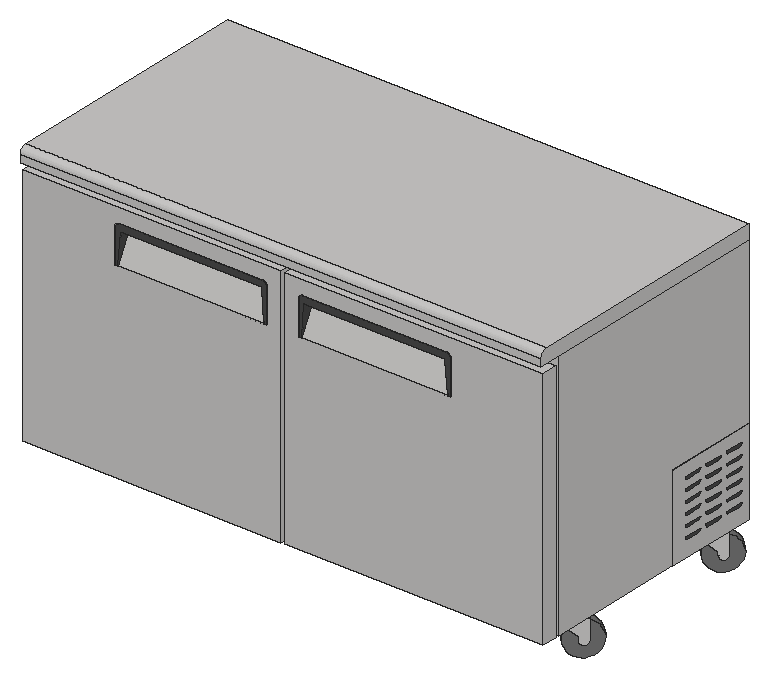
Revit family "QF_Turbo Air_MUR-60", category Specialty Equipment, Revit 2012
Parameters
  Weight in Pounds = 282
  Watermarked By = "http://revitwatermark.com"
  Volts = 115 V
  URL Cutsheet = ""
  URL = "www.turboairinc.com"
  Status [instance] = ""
  Specification by User [instance] = ""
  Specification by Manufacturer [instance] = ""
  Serial Number [instance] = ""
  Revision Code [instance] = ""
  Phase = 1
  Number of Poles [instance] = 1
  NAFEM Spec ID Number [instance] = ""
  Model = "MUR-60"
  Masterspec [instance] = ""
  Manufacturer = "Turbo Air"  # constant formula
  Legs [instance] = [6 inch Legs]  # no
  Item Number [instance] = "-"
  Installed By [instance] = ""
  HP = "1/3"
  Furnished By [instance] = ""
  Foodservice Equipment Identifier = yes
  FL Amps = 8.9 A
  Electrical Remarks [instance] = ""
  Electric Connection Type [instance] = ""
  Elec Conn RI Height [instance] = 0' - 0"
  Elec Conn Connection Height = 1' - 0"
  Description = "Undercounter Refrigerator"
  Cycle = 60 Hz
  Conn Plug = "NEMA 5-15P"
  Casters [instance] = not(Legs)  # yes
  CasterLeg Height [instance] = if([4 inch Casters], 0' 5", if([5 inch Casters], 0' 5 3/4", if([2_5 inch Casters], 0' 3 3/8", 0' 6")))  # 0' - 5"
  CSI MasterFormat = "11 41 13"
  Assembly Code = "E1090320"
  Apparent Power = if(Phase = 3, Volts * FL Amps * 1.73, Volts * FL Amps)  # 1023.5 VA
  6 inch Legs [instance] = no
  5 inch Casters [instance] = no
  4 inch Casters [instance] = yes
  2_5 inch Casters [instance] = no
Reference planes (in)
  plane 1 "BACK": y = 0
  plane 2: z = 0
  plane 3 "LEFT": x = -20.78844
  plane 4 "Bottom": z = 5
  plane 5 "Back Stops": y = 1
  plane 6 "RIGHT": x = 39.46156
  plane 7 "FRONT": y = -30
  plane 8 "Door Clearance": y = -57.875
  plane 9 "Back of Door": y = -27.875
  plane 10 "Front of Box": y = -27.375
  plane 11 "Top of Door": z = 33.125
  plane 12 "TOP": z = 35.625
  plane 13 "Bottom of TOP": z = 34
  plane 14 "Center LR": x = 9.33656
  plane 15: x = 9.52406
  plane 16: x = 9.14906
Forms (in)
  Extrusion 1, solid, material "QF_Finishes_Stainless Steel"
    sketch origin (-20.78844, 0, 0) x (0, 1, 0) y (0, 0, 1)
      loop
        line (0, 5) -> (0, 34) -> (-27.375, 34) -> (-27.375, 5) -> (0, 5)
    from 0 to 60.25
  Extrusion 2, solid, material "QF_Finishes_Black"
    sketch origin (0, -27.375, 0) x (1, 0, 0) y (0, 0, 1)
      loop
        line (-19.78844, 32.125) -> (-19.78844, 6) -> (8.14906, 6) -> (8.14906, 32.125) -> (-19.78844, 32.125)
      loop
        line (10.52406, 32.125) -> (10.52406, 6) -> (38.46156, 6) -> (38.46156, 32.125) -> (10.52406, 32.125)
    from 0 to 0.5
  Extrusion 3, void
    sketch origin (39.46156, 0, 0) x (0, 1, 0) y (0, 0, 1)
      loop
        line (0, 5) -> (0, 15) -> (-11, 15) -> (-11, 5) -> (0, 5)
    from 0 to -1
  Extrusion 4, solid, material "QF_Finishes_Stainless Steel"
    sketch origin (39.46156, 0, 0) x (0, 1, 0) y (0, 0, 1)
      loop
        line (-10.875, 14.875) -> (-10.875, 5) -> (0, 5) -> (0, 14.875) -> (-10.875, 14.875)
      loop
        arc (-9.25, 13.5) -> (-9.10355, 13.14645) -> (-8.75, 13) r 0.5
        line (-8.75, 13) -> (-7.25, 13)
        arc (-7.25, 13) -> (-6.89645, 13.14645) -> (-6.75, 13.5) r 0.5
        line (-6.75, 13.5) -> (-9.25, 13.5)
      loop
        arc (-6.25, 13.5) -> (-6.10355, 13.14645) -> (-5.75, 13) r 0.5
        line (-5.75, 13) -> (-4.25, 13)
        arc (-4.25, 13) -> (-3.89645, 13.14645) -> (-3.75, 13.5) r 0.5
        line (-3.75, 13.5) -> (-6.25, 13.5)
      loop
        arc (-3.25, 13.5) -> (-3.10355, 13.14645) -> (-2.75, 13) r 0.5
        line (-2.75, 13) -> (-1.25, 13)
        arc (-1.25, 13) -> (-0.89645, 13.14645) -> (-0.75, 13.5) r 0.5
        line (-0.75, 13.5) -> (-3.25, 13.5)
      loop
        arc (-9.25, 12.25) -> (-9.10355, 11.89645) -> (-8.75, 11.75) r 0.5
        line (-8.75, 11.75) -> (-7.25, 11.75)
        arc (-7.25, 11.75) -> (-6.89645, 11.89645) -> (-6.75, 12.25) r 0.5
        line (-6.75, 12.25) -> (-9.25, 12.25)
      loop
        arc (-6.25, 12.25) -> (-6.10355, 11.89645) -> (-5.75, 11.75) r 0.5
        line (-5.75, 11.75) -> (-4.25, 11.75)
        arc (-4.25, 11.75) -> (-3.89645, 11.89645) -> (-3.75, 12.25) r 0.5
        line (-3.75, 12.25) -> (-6.25, 12.25)
      loop
        arc (-3.25, 12.25) -> (-3.10355, 11.89645) -> (-2.75, 11.75) r 0.5
        line (-2.75, 11.75) -> (-1.25, 11.75)
        arc (-1.25, 11.75) -> (-0.89645, 11.89645) -> (-0.75, 12.25) r 0.5
        line (-0.75, 12.25) -> (-3.25, 12.25)
      loop
        arc (-9.25, 11) -> (-9.10355, 10.64645) -> (-8.75, 10.5) r 0.5
        line (-8.75, 10.5) -> (-7.25, 10.5)
        arc (-7.25, 10.5) -> (-6.89645, 10.64645) -> (-6.75, 11) r 0.5
        line (-6.75, 11) -> (-9.25, 11)
      loop
        arc (-6.25, 11) -> (-6.10355, 10.64645) -> (-5.75, 10.5) r 0.5
        line (-5.75, 10.5) -> (-4.25, 10.5)
        arc (-4.25, 10.5) -> (-3.89645, 10.64645) -> (-3.75, 11) r 0.5
        line (-3.75, 11) -> (-6.25, 11)
      loop
        arc (-3.25, 11) -> (-3.10355, 10.64645) -> (-2.75, 10.5) r 0.5
        line (-2.75, 10.5) -> (-1.25, 10.5)
        arc (-1.25, 10.5) -> (-0.89645, 10.64645) -> (-0.75, 11) r 0.5
        line (-0.75, 11) -> (-3.25, 11)
      loop
        arc (-9.25, 9.75) -> (-9.10355, 9.39645) -> (-8.75, 9.25) r 0.5
        line (-8.75, 9.25) -> (-7.25, 9.25)
        arc (-7.25, 9.25) -> (-6.89645, 9.39645) -> (-6.75, 9.75) r 0.5
        line (-6.75, 9.75) -> (-9.25, 9.75)
      loop
        arc (-6.25, 9.75) -> (-6.10355, 9.39645) -> (-5.75, 9.25) r 0.5
        line (-5.75, 9.25) -> (-4.25, 9.25)
        arc (-4.25, 9.25) -> (-3.89645, 9.39645) -> (-3.75, 9.75) r 0.5
        line (-3.75, 9.75) -> (-6.25, 9.75)
      loop
        arc (-3.25, 9.75) -> (-3.10355, 9.39645) -> (-2.75, 9.25) r 0.5
        line (-2.75, 9.25) -> (-1.25, 9.25)
        arc (-1.25, 9.25) -> (-0.89645, 9.39645) -> (-0.75, 9.75) r 0.5
        line (-0.75, 9.75) -> (-3.25, 9.75)
      loop
        arc (-9.25, 8.5) -> (-9.10355, 8.14645) -> (-8.75, 8) r 0.5
        line (-8.75, 8) -> (-7.25, 8)
        arc (-7.25, 8) -> (-6.89645, 8.14645) -> (-6.75, 8.5) r 0.5
        line (-6.75, 8.5) -> (-9.25, 8.5)
      loop
        arc (-6.25, 8.5) -> (-6.10355, 8.14645) -> (-5.75, 8) r 0.5
        line (-5.75, 8) -> (-4.25, 8)
        arc (-4.25, 8) -> (-3.89645, 8.14645) -> (-3.75, 8.5) r 0.5
        line (-3.75, 8.5) -> (-6.25, 8.5)
      loop
        arc (-3.25, 8.5) -> (-3.10355, 8.14645) -> (-2.75, 8) r 0.5
        line (-2.75, 8) -> (-1.25, 8)
        arc (-1.25, 8) -> (-0.89645, 8.14645) -> (-0.75, 8.5) r 0.5
        line (-0.75, 8.5) -> (-3.25, 8.5)
      loop
        arc (-9.25, 7.25) -> (-9.10355, 6.89645) -> (-8.75, 6.75) r 0.5
        line (-8.75, 6.75) -> (-7.25, 6.75)
        arc (-7.25, 6.75) -> (-6.89645, 6.89645) -> (-6.75, 7.25) r 0.5
        line (-6.75, 7.25) -> (-9.25, 7.25)
      loop
        arc (-6.25, 7.25) -> (-6.10355, 6.89645) -> (-5.75, 6.75) r 0.5
        line (-5.75, 6.75) -> (-4.25, 6.75)
        arc (-4.25, 6.75) -> (-3.89645, 6.89645) -> (-3.75, 7.25) r 0.5
        line (-3.75, 7.25) -> (-6.25, 7.25)
      loop
        arc (-3.25, 7.25) -> (-3.10355, 6.89645) -> (-2.75, 6.75) r 0.5
        line (-2.75, 6.75) -> (-1.25, 6.75)
        arc (-1.25, 6.75) -> (-0.89645, 6.89645) -> (-0.75, 7.25) r 0.5
        line (-0.75, 7.25) -> (-3.25, 7.25)
    from 0 to -1
  Extrusion 5, solid, material "QF_Finishes_Black"
    sketch origin (39.46156, 0, 0) x (0, 1, 0) y (0, 0, 1)
      loop
        line (-9.875, 13.95221) -> (-9.875, 6.20221) -> (-0.375, 6.20221) -> (-0.375, 13.95221) -> (-9.875, 13.95221)
    from -0.125 to -1
  Extrusion 6, solid, material "QF_Finishes_Black"
    sketch origin (0, 0, 0) x (1, 0, 0) y (0, 0, 1)
      loop
        circle (-14.66344, 30.8125) r 0.5
      loop
        circle (33.33656, 30.8125) r 0.5
    from 0 to -1
  Extrusion 7, solid, material "QF_Finishes_Stainless Steel"
    sketch origin (0, 0, 0) x (1, 0, 0) y (0, 0, 1)
      loop
        circle (35.46156, 11.125) r 0.25
    from 0 to -0.0625
  Extrusion 8, solid, material "QF_Finishes_Polished Steel"
    sketch origin (-20.78844, 0, 0) x (0, 1, 0) y (0, 0, 1)
      loop
        line (0, 35.625) -> (-29.1875, 35.625)
        arc (-29.1875, 35.625) -> (-29.76202, 35.38702) -> (-30, 34.8125) r 0.8125
        line (-30, 34.8125) -> (-30, 34) -> (0, 34) -> (0, 35.625)
    from 0 to 60.25
Cuts and joins
  Extrusion 3 cuts Extrusion 1
Lines and regions (in)
  symbolic lines
    curve 1: line (-20.78844, 0, 35.875) -> (39.46156, 0, 35.875)
    curve 2: line (-20.78844, -30, 35.875) -> (-20.78844, 0, 35.875)
    curve 3: line (39.46156, -30, 35.875) -> (-20.78844, -30, 35.875)
    curve 4: line (39.46156, 0, 35.875) -> (39.46156, -30, 35.875)
    curve 5: line (32.83656, 1, 35.875) -> (33.83656, 1, 35.875)
    curve 6: line (-15.16344, 1, 35.875) -> (-14.16344, 1, 35.875)
    curve 7: line (-15.16344, 1, 35.875) -> (-15.16344, 0, 35.875)
    curve 8: line (-14.16344, 1, 35.875) -> (-14.16344, 0, 35.875)
    curve 9: line (32.83656, 1, 35.875) -> (32.83656, 0, 35.875)
    curve 10: line (33.83656, 1, 35.875) -> (33.83656, 0, 35.875)
  symbolic lines, style "QF_Clearances", detail levels coarse
    curve 11: line (39.46156, -30, 35.875) -> (39.46156, -57.875, 35.875)
    curve 12: arc (39.46156, -57.875, 35.875) -> (19.01345, -49.82665, 35.875) -> (9.53692, -30, 35.875) r 30
    curve 13: line (-20.78844, -30, 35.875) -> (-20.78844, -57.875, 35.875)
    curve 14: arc (-20.78844, -57.875, 35.875) -> (-0.34034, -49.82665, 35.875) -> (9.1362, -30, 35.875) r 30
Dimensions and locks (in)
  "CasterLeg Height": plane 4 "Bottom" to plane 2
  locked: plane 1 "BACK" to plane 5 "Back Stops" at 1
  locked: plane 6 "RIGHT" to plane 3 "LEFT" at 60.25
  locked: plane 7 "FRONT" to plane 1 "BACK" at 30
  locked: plane 9 "Back of Door" to plane 10 "Front of Box" at 0.5
  locked: plane 8 "Door Clearance" to plane 1 "BACK" at 57.875
  locked: plane 11 "Top of Door" to Extrusion 2 sketch curve at 1  (x2)
  locked: Extrusion 2 sketch curve to plane 3 "LEFT" at 1
  locked: Extrusion 2 sketch curve to plane 4 "Bottom" at 1  (x2)
  locked: Extrusion 3 sketch curve to plane 1 "BACK" at 11
  locked: Extrusion 3 sketch curve to plane 4 "Bottom" at 10
  locked: plane 4 "Bottom" to Extrusion 4 sketch curve at 9.875
  locked: Extrusion 4 sketch curve to plane 1 "BACK" at 10.875
  locked: Extrusion 5 sketch curve to Extrusion 5 sketch curve at 7.75
  locked: Extrusion 5 sketch curve to plane 4 "Bottom" at 1.20221
  locked: Extrusion 5 sketch curve to Extrusion 5 sketch curve at 9.5
  locked: Extrusion 5 sketch curve to plane 1 "BACK" at 0.375
  locked: nested 1 to plane 1 "BACK" at 2.5625
  locked: plane 3 "LEFT" to nested 1 at 2.5
  locked: plane 3 "LEFT" to nested 2 at 2.5
  locked: plane 10 "Front of Box" to nested 2 at 4.625
  locked: nested 3 to plane 6 "RIGHT" at 2.5
  locked: nested 4 to plane 6 "RIGHT" at 2.5
  locked: plane 10 "Front of Box" to nested 4 at 4.625
  locked: nested 3 to plane 1 "BACK" at 2.5625
  locked: plane 6 "RIGHT" to Extrusion 6 sketch curve at 6.125
  locked: Extrusion 6 sketch curve to plane 3 "LEFT" at 6.125
  locked: Extrusion 7 sketch curve to plane 4 "Bottom" at 6.125
  locked: plane 6 "RIGHT" to Extrusion 7 sketch curve at 4
  locked: plane 12 "TOP" to plane 4 "Bottom" at 30.625
  locked: plane 12 "TOP" to plane 13 "Bottom of TOP" at 1.625
  locked: plane 13 "Bottom of TOP" to plane 11 "Top of Door" at 0.875
  plane 9 "Back of Door" to plane 1 "BACK" = 2' - 3 7/8"
  equal spacing: plane 3 "LEFT", plane 14 "Center LR", plane 6 "RIGHT"
  plane 16 to plane 14 "Center LR" to plane 15 = 0' - 0 3/16" locked, 0' - 0 3/16" locked
  locked: Extrusion 2 sketch curve to plane 16 at 1
  locked: Extrusion 2 sketch curve to plane 6 "RIGHT" at 1
  locked: Extrusion 2 sketch curve to plane 15 at 1
  aligned and locked: level to plane 2
  aligned and locked: Extrusion 1 sketch curve to plane 1 "BACK"
  aligned and locked: Extrusion 1 sketch curve to plane 4 "Bottom"
  aligned and locked: plane 10 "Front of Box" to Extrusion 1 sketch curve
  aligned and locked: plane 6 "RIGHT" to Extrusion 1
  aligned and locked: plane 9 "Back of Door" to Extrusion 2
  aligned and locked: Extrusion 3 sketch curve to plane 1 "BACK"
  aligned and locked: Extrusion 3 sketch curve to plane 4 "Bottom"
  aligned and locked: Extrusion 6 to plane 5 "Back Stops"
  aligned and locked: plane 1 "BACK" to curve 1
  aligned and locked: curve 4 to plane 6 "RIGHT"
  aligned and locked: plane 3 "LEFT" to curve 2
  aligned and locked: curve 3 to plane 7 "FRONT"
  aligned and locked: curve 5 to Extrusion 6
  aligned and locked: curve 6 to Extrusion 6
  aligned and locked: Extrusion 1 sketch curve to plane 13 "Bottom of TOP"
  aligned and locked: plane 1 "BACK" to Extrusion 8 sketch curve
  aligned and locked: plane 13 "Bottom of TOP" to Extrusion 8 sketch curve
  aligned and locked: Extrusion 8 sketch curve to plane 7 "FRONT"
  aligned and locked: Extrusion 8 sketch curve to plane 12 "TOP"
  aligned and locked: plane 6 "RIGHT" to Extrusion 8
  aligned and locked: nested 6 to plane 4 "Bottom"
  aligned and locked: plane 4 "Bottom" to nested 5
Automatic sketch dimensions
  Extrusion 4 sketch curve to plane 1 "BACK" = 0' - 0"
  Extrusion 4 sketch curve to plane 4 "Bottom" = 0' - 0"
  Extrusion 4 sketch curve to Extrusion 4 sketch curve = 0' - 1 5/8"
  Extrusion 4 sketch curve to Extrusion 4 sketch curve = 0' - 0"  (x16)
  Extrusion 4 sketch curve to Extrusion 4 sketch curve = 0' - 0 1/2"  (x31)
  Extrusion 4 sketch curve to Extrusion 4 sketch curve = 0' - 1 1/2"  (x4)
  plane 1 "BACK" to Extrusion 4 sketch curve = 0' - 1 1/4"  (x3)
  plane 4 "Bottom" to Extrusion 4 sketch curve = 0' - 1 3/4"  (x2)
  Extrusion 4 sketch curve to Extrusion 4 sketch curve = 0' - 0 3/4"  (x15)
  Extrusion 6 sketch curve to plane 11 "Top of Door" = 0' - 2 5/16"  (x2)
  Extrusion 8 sketch curve to plane 7 "FRONT" = 0' - 0 13/16"
  plane 8 "Door Clearance" to curve 11 = 0' - 0"
  plane 8 "Door Clearance" to curve 14 = 0' - 0"
  plane 9 "Back of Door" to curve 12 = 0' - 0"
  plane 9 "Back of Door" to curve 14 = 0' - 0"
  curve 10 to plane 6 "RIGHT" = 0' - 5 5/8"
  curve 5 to curve 9 = 0' - 1"
  plane 3 "LEFT" to curve 8 = 0' - 6 5/8"
  curve 6 to curve 7 = 0' - 1"
  radius of Extrusion 6 sketch curve = 0' - 0 1/2"  (x2)
  radius of Extrusion 7 sketch curve = 0' - 0 1/4"
Nested families (in)
  nested 1: "FESCasterLeg" at (-18.28844, -2.5625, 0), Legs <- "Legs", Casters <- "Casters", Height <- "CasterLeg Height", type "FESCasterLeg"
    with Legs no, Height 0' - 5", Casters yes, Caster Radius 0' - 2"
  nested 2: "FESCasterLeg" at (-18.28844, -22.75, 0), Legs <- "Legs", Casters <- "Casters", Height <- "CasterLeg Height", type "FESCasterLeg"
    with Legs no, Height 0' - 5", Casters yes, Caster Radius 0' - 2"
  nested 3: "FESCasterLeg" at (36.96156, -2.5625, 0), Legs <- "Legs", Casters <- "Casters", Height <- "CasterLeg Height", type "FESCasterLeg"
    with Legs no, Height 0' - 5", Casters yes, Caster Radius 0' - 2"
  nested 4: "FESCasterLeg" at (36.96156, -22.75, 0), Legs <- "Legs", Casters <- "Casters", Height <- "CasterLeg Height", type "FESCasterLeg"
    with Legs no, Height 0' - 5", Casters yes, Caster Radius 0' - 2"
  nested 5: "QF_Turbo Air_TBL_Door-1" at (24.28489, -27.875, 5) x (-1, 0, 0) z (0, 0, 1), type "QF_Turbo Air_TBL_Door-1"
    with Width 2' - 5 15/16", Symbolic Lines yes, Height 2' - 4 1/8", Handle Width 1' - 5 5/8", Depth 0' - 1 13/16"
  nested 6: "QF_Turbo Air_TBL_Door-1" at (-5.61177, -27.875, 5), type "QF_Turbo Air_TBL_Door-1"
    with Width 2' - 5 15/16", Symbolic Lines yes, Height 2' - 4 1/8", Handle Width 1' - 5 5/8", Depth 0' - 1 13/16"
Connectors (in)
  electrical at (35.46156, 0.0625, 11.125), driven by "Number of Poles", driven by "Volts", driven by "Apparent Power"
    settings: on Extrusion 7, index 1, voltage 115 V, apparent load 1023.5 VA, apparent load phase1 0 VA, apparent load phase2 0 VA, apparent load phase3 0 VA, power factor 1, load classification "Other", number of poles 1, system type 30, power factor state 1, is connector primary yes, connector utility no, sub classification motor no, connector description ""
Definition of nested family "FESCasterLeg"
  Parameters (values of type "FESCasterLeg")
    Watermarked By = "http://revitwatermark.com"
    Type Comments = "⍁⍉⌁⌀⏭⎽⌇⍠⌜⍉⎖⌥⌦⌯⍭⏊⍻⍿⍊⏵⍊⏗⏠⍴⎡⌈⎀⍠⌓⌤⏘⎐⍀⌐⏬⏁⎈⏍⏦⎒⏬⌝⍩⍇⌣〈⎫〉⎁⏊⍥⍖⍥⍝⍦⌖⍀⏌⏭⎝⎼⏷⏞⍻⏯⎽⏷⏞⍻⏯⎽⏷⎺⌻⎝⍎⌧⏷⏟⏿⌿⍜⍦⍤⌁⍬⏶⏎⍊⏚⏉⎞⌡⎀⎪⏈⌟⌿⍾⍼⌟⌿⌢⌞⏜⏝⎽⍷⍷⍯⍧⍷⌯⍽⏸⏨⏾⏎⌣⏺⍹⏼⏅⎏⌽⎫⎪⍙⎓⏗⎗⏅⌴⍏⍏⍿⏑⎺⍘⌭⏲⍥⎛⎾⎾⍞⍌⎪⎲⌙⎥⏏⎟⎟⏼⏘⎏⎝⏧⏍⏁⍏⍧⏯⏾⌟"
    Legs [instance] = yes
    Height [instance] = 0' - 6"
    Caster Radius [instance] = if(Height < 0' 3", 0' 1", (Height / 2) - 0' 0 1/2")  # 0' - 2 1/2"
    Casters [instance] = yes
    Assembly Code = ""
  Reference planes (in)
    plane 1 "Center (Front/Back)": y = 0
    plane 2: z = 0
    plane 3 "Center (Left/Right)": x = 0
    plane 4: z = 6
    plane 5: z = 5.5
  Forms (in)
    Extrusion 1, solid, material "QF_Finishes_Stainless Steel", visible <- "Casters"
      sketch origin (-24.12131, -22.88887, 10.18833) x (0.707107, 0.707107, 0) y (0, 0, 1)
        loop
          line (34.98772, -7.68833) -> (34.98772, -4.93833) -> (34.48772, -4.93833) -> (34.39402, -4.68833) -> (32.39402, -4.68833) -> (32.39402, -5.43833) -> (33.98772, -7.34206) -> (33.98772, -7.68833)
          arc (33.98772, -7.68833) -> (34.48772, -8.18833) -> (34.98772, -7.68833) r 0.5
      from 0 to 1.75
    Extrusion 2, solid, material "QF_Finishes_Rubber Black", visible <- "Casters"
      sketch origin (-24.32327, -23.09083, 13.31461) x (0.707107, 0.707107, 0) y (0, 0, 1)
        loop
          circle (34.77334, -10.81461) r 2.5
      from 0.375 to 1.375
    Extrusion 3, solid, material "QF_Finishes_Stainless Steel", visible <- "Casters"
      sketch origin (-7.24148, -8.48391, 0) x (0.707107, 0.707107, 0) y (0, 0, 1)
        loop
          line (10.61603, 5.5) -> (11.61603, 5.5) -> (11.61603, 6) -> (10.61603, 6) -> (10.61603, 5.5)
      from 0 to -1.75
    Blend 4, solid, material "QF_Finishes_Stainless Steel", visible <- "Legs"
      base sketch origin (0, 0, 0) x (1, 0, 0) y (0, 1, 0)
        loop
          circle (0, 0) r 0.5
      top sketch origin (0, 0, 0) x (1, 0, 0) y (0, 1, 0)
        loop
          circle (0, 0) r 1
      from 0 to 6 <- "Height"
  Lines and regions (in)
    symbolic lines, style "QF_Hidden Details", visible <- "Casters", built-in parameter 1006206 <- "Casters"
      curve 1: line (-1.26158, -0.51911, 0) -> (1.39007, 2.13254, 0)
      curve 2: line (-0.53429, -1.24639, 0) -> (2.11736, 1.40526, 0)
    symbolic lines, style "QF_Hidden Details", built-in parameter 1006206 <- "Casters", visible <- "Casters"
      curve 3: line (-1.26158, -0.51911, 0) -> (1.39007, 2.13254, 0)
      curve 4: line (-0.53429, -1.24639, 0) -> (2.11736, 1.40526, 0)
  Dimensions and locks (in)
    locked: plane 4 to plane 5 at 0.5
    "Height": plane 4 to level
    "Caster Radius": Extrusion 2 sketch curve to level
    "Caster Radius": Extrusion 1 sketch curve to level
    "Caster Radius": radius of Extrusion 2 sketch curve
    aligned and locked: plane 2 to level
    aligned: Blend 4 to Extrusion 3
    aligned and locked: plane 4 to Blend 4
    aligned and locked: Extrusion 3 to plane 5
    aligned and locked: plane 4 to Extrusion 3
    aligned and locked: plane 5 to Extrusion 1
  Automatic sketch dimensions
    plane 1 "Center (Front/Back)" to curve 3 = 0' - 0.51911"
    curve 3 to plane 3 "Center (Left/Right)" = 0' - 1.26158"
    plane 1 "Center (Front/Back)" to curve 1 = 0' - 0.51911"
    curve 1 to curve 3 = 0' - 0"  (x3)
    curve 4 to plane 3 "Center (Left/Right)" = 0' - 0.53429"
    curve 2 to curve 4 = 0' - 0"  (x2)
    plane 3 "Center (Left/Right)" to curve 3 = 0' - 1.39007"
    curve 1 to curve 4 = 0' - 0.72729"
    curve 2 to curve 1 = 0' - 0.72729"
    curve 4 to curve 2 = 0' - 0"  (x2)
    curve 2 to plane 1 "Center (Front/Back)" = 0' - 1.40526"
    curve 2 to curve 3 = 0' - 0.72729"
    plane 5 to Extrusion 1 sketch curve = 0' - 0"
    Extrusion 1 sketch curve to Extrusion 1 sketch curve = 0' - 1.5937"
    Extrusion 1 sketch curve to Extrusion 1 sketch curve = 0' - 2"
    Extrusion 1 sketch curve to Extrusion 1 sketch curve = 0' - 0.0937"
    Extrusion 1 sketch curve to Extrusion 1 sketch curve = 0' - 0 1/2"
    Extrusion 1 sketch curve to Extrusion 1 sketch curve = 0' - 0.34627"
    Extrusion 1 sketch curve to plane 5 = 0' - 0 3/4"
    Extrusion 1 sketch curve to plane 5 = 0' - 0 1/4"
    Extrusion 3 sketch curve to plane 5 = 0' - 0"
    plane 4 to Extrusion 3 sketch curve = 0' - 0"
    Extrusion 3 sketch curve to Extrusion 3 sketch curve = 0' - 1"
    plane 1 "Center (Front/Back)" to Blend 4 sketch curve = 0' - 0"  (x2)
    Blend 4 sketch curve to plane 3 "Center (Left/Right)" = 0' - 0"  (x2)
    radius of Blend 4 sketch curve = 0' - 0 1/2"
    radius of Blend 4 sketch curve = 0' - 1"
Definition of nested family "QF_Turbo Air_TBL_Door-1"
  Parameters (values of type "QF_Turbo Air_TBL_Door-1")
    Width [instance] = 2' - 5 5/16"
    Watermarked By = "http://revitwatermark.com"
    Symbolic Lines [instance] = yes
    Manufacturer = "Turbo Air"  # constant formula
    Height [instance] = 2' - 3 7/16"
    Handle Width [instance] = 1' - 5 5/8"
    Depth [instance] = 0' - 1 13/16"
  Reference planes (in)
    plane 1 "BACK": y = 0
    plane 2: z = 0
    plane 3 "LEFT": x = -15.17667
    plane 4: x = 14.13583
    plane 5 "FRONT": y = -1.8125
    plane 6: z = 27.4375
    plane 7 "Right of Handle": x = 12.51083
    plane 8 "Left of Handle": x = -5.11417
  Forms (in)
    Extrusion 1, solid, material "QF_Finishes_Black"
      sketch origin (-31.11417, 0, 15.01083) x (0, 0, -1) y (1, 0, 0)
        loop
          arc (-10.23917, 43.625) -> (-10.63691, 43.46025) -> (-10.80167, 43.0625) r 0.5625
          line (-10.80167, 43.0625) -> (-10.80167, 26.5625)
          arc (-10.80167, 26.5625) -> (-10.63691, 26.16475) -> (-10.23917, 26) r 0.5625
          line (-10.23917, 26) -> (-6.30167, 26) -> (-6.30167, 26.34375) -> (-9.98917, 26.66636) -> (-9.98917, 42.95864) -> (-6.30167, 43.28125) -> (-6.30167, 43.625) -> (-10.23917, 43.625)
      from 0 to 1.8125
    Extrusion 2, solid, material "QF_Finishes_Stainless Steel"
      sketch origin (-5.14542, 0, 15.01083) x (0, 1, 0) y (0, 0, 1)
        loop
          line (-1.8125, 6.30167) -> (0, 6.30167) -> (0, 9.98917) -> (-0.47036, 9.98917) -> (-1.8125, 6.30167)
      from 0.375 to 17.3125
    Extrusion 3, solid, material "QF_Finishes_Stainless Steel"
      sketch origin (0, 0, 0) x (1, 0, 0) y (0, 0, 1)
        loop
          line (-15.17667, 27.4375) -> (-15.17667, 0) -> (14.13583, 0) -> (14.13583, 27.4375) -> (-15.17667, 27.4375)
        loop
          arc (-4.55167, 25.8125) -> (-4.94941, 25.64775) -> (-5.11417, 25.25) r 0.5625
          line (-5.11417, 25.25) -> (-5.11417, 21.3125) -> (12.51083, 21.3125) -> (12.51083, 25.25)
          arc (12.51083, 25.25) -> (12.34608, 25.64775) -> (11.94833, 25.8125) r 0.5625
          line (11.94833, 25.8125) -> (-4.55167, 25.8125)
      from 0 to 1.8125
  Lines and regions (in)
    symbolic lines, visible <- "Symbolic Lines"
      curve 1: line (-15.17667, 0, 25.96875) -> (14.13583, 0, 25.96875)
      curve 2: line (-15.17667, -1.8125, 25.96875) -> (-15.17667, 0, 25.96875)
      curve 3: line (14.13583, -1.8125, 25.96875) -> (-15.17667, -1.8125, 25.96875)
      curve 4: line (14.13583, 0, 25.96875) -> (14.13583, -1.8125, 25.96875)
  Dimensions and locks (in)
    "Width": plane 4 to plane 3 "LEFT"
    "Depth": plane 5 "FRONT" to plane 1 "BACK"
    "Height": plane 6 to plane 2
    locked: Extrusion 3 sketch curve to Extrusion 3 sketch curve at 4.5
    locked: plane 6 to Extrusion 3 sketch curve at 1.625
    locked: plane 6 to Extrusion 1 sketch curve at 1.625
    locked: Extrusion 1 sketch curve to Extrusion 1 sketch curve at 0.8125
    locked: Extrusion 1 sketch curve to Extrusion 1 sketch curve at 4.5  (x2)
    locked: plane 6 to Extrusion 2 sketch curve at 2.4375
    locked: Extrusion 2 sketch curve to Extrusion 2 sketch curve at 3.6875
    locked: Extrusion 2 sketch curve to plane 5 "FRONT" at 1.34214
    locked: plane 7 "Right of Handle" to plane 4 at 1.625
    "Handle Width": plane 8 "Left of Handle" to plane 7 "Right of Handle"
    locked: Extrusion 1 sketch curve to plane 8 "Left of Handle" at 0.34375
    locked: Extrusion 1 sketch curve to plane 8 "Left of Handle" at 0.66636
    locked: Extrusion 1 sketch curve to plane 8 "Left of Handle" at 0.5625
    locked: plane 7 "Right of Handle" to Extrusion 1 sketch curve at 0.34375
    locked: plane 7 "Right of Handle" to Extrusion 1 sketch curve at 0.66636
    locked: plane 7 "Right of Handle" to Extrusion 1 sketch curve at 0.5625
    locked: plane 8 "Left of Handle" to Extrusion 2 at 0.34375
    locked: plane 7 "Right of Handle" to Extrusion 2 at 0.34375
    aligned and locked: level to plane 2
    aligned and locked: Extrusion 3 sketch curve to plane 6
    aligned and locked: plane 3 "LEFT" to Extrusion 3 sketch curve
    aligned and locked: level to Extrusion 3 sketch curve
    aligned and locked: Extrusion 3 sketch curve to plane 4
    aligned and locked: plane 5 "FRONT" to Extrusion 3
    aligned and locked: Extrusion 2 sketch curve to plane 1 "BACK"
    aligned and locked: plane 1 "BACK" to curve 1
    aligned and locked: plane 3 "LEFT" to curve 2
    aligned and locked: curve 3 to plane 5 "FRONT"
    aligned and locked: curve 4 to plane 4
    aligned and locked: Extrusion 3 sketch curve to plane 7 "Right of Handle"
    aligned and locked: Extrusion 3 sketch curve to plane 8 "Left of Handle"
    aligned and locked: Extrusion 1 sketch curve to plane 7 "Right of Handle"
    aligned and locked: plane 8 "Left of Handle" to Extrusion 1 sketch curve
  Automatic sketch dimensions
    Extrusion 3 sketch curve to Extrusion 3 sketch curve = 0' - 0 9/16"  (x2)
    Extrusion 2 sketch curve to plane 5 "FRONT" = 0' - 0"
